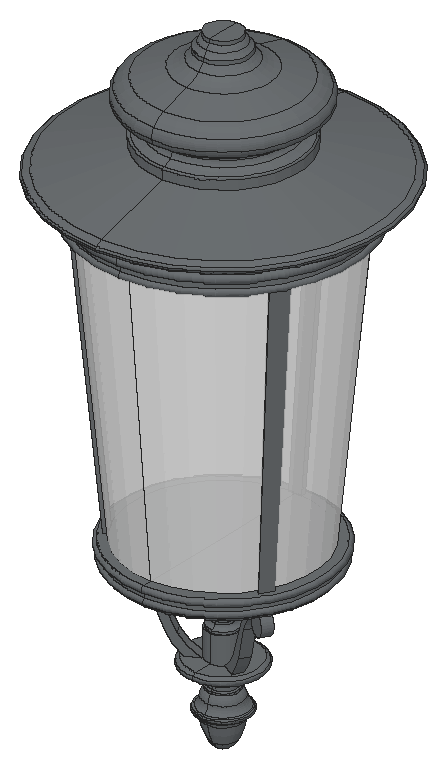
Revit family "Neri_Light 600_SU600L-Pooo", category Apparecchi per illuminazione, Revit 2018
Family settings
  Quota connettore circolare = Usa diametro
  Tipo di parte = Normale
  Numero OmniClass = 23.35.47.11
  Titolo OmniClass = Lighting Fixtures
  Basato su piano di lavoro = No
  Sempre verticale = Sì
  Taglio con vuoti quando caricato = No
  Sorgente d'illuminazione = Sì
  Condiviso = No
  Punto di calcolo locali = No
Parameters (values of type "SU600L_NLG02")
  Weight = "28.66 lb"
  Wattage = 30.2945 W
  W = "48"
  Voltage = "120-277 V"
  UniFormat II Description = "Lighting and Branch Wiring"
  UniFormat II Code = "D5020"
  URL = "https://www.nerinorthamerica.com/en/products/lighting/lighting-fixtures.aspx?idC=61745&LN=en-US"
  Region South America = "All"
  Region Oceania = "All"
  Region North America = "All"
  Region Middle East = "All"
  Region Europe = "All"
  Region Asia = "All"
  Region Africa = "All"
  Produttore = "Neri SpA"
  Product Name = "Light 600 - LED P"
  Product Certification = "UL Standard 1598 (C, US)"
  built-in parameter 1150110 = 1 (stored number, unit not read)
  Painting Steps = "Information about paint steps used on this product in specific technical sheet"
  Painting = "Standard color Dark Grey, type Neri - On demand features - Painting:colour of RAL range"
  Overvoltage Protection = "4kV/4kV (differential / common mode)"
  Optics = "NLG02"
  Operative Temperature = "-22F° /+104F°"
  OmniClass Description = "Lighting Fixtures"
  OmniClass Code = "23-35 47 11"
  NBS_UniClass 2015 Description = "Roadway Lighting Systems"
  NBS_UniClass 2015 Code = "Ss_70_80_25_70"
  Modello = "SU600L-P"
  Screen = PMMA Frosted
  Material Main = Die-Cast and Sheet Aluminum
  MasterFormat 2016 Description = "Exterior Lighting"
  MasterFormat 2016 Code = "26 56 00"
  Manufacturer Name = "Neri SpA"
  Manufacturer Country = "Italy"
  Luminous Efficacy = "80 Lm/W"
  Luminaire Classification System = "BUG: B1 U3 G1"
  Lighting Distribution/Class = "Asymmetric - Roadways and mixed areas (Type III)"
  LOR = "84 %"
  Diametre = "1' - 6 1/2\""
  Lampada = "LED"
  Installation Instructions = "https://www.nerinorthamerica.com/upl/istruzioni/Z013_0001_002_Light%20600_LED-P_2014C.pdf"
  IP = "43"
  IK = "08"
  Height of Installation = "From 11.5' to 16.5'"
  Height = "3' - 1 5/6\""
  Frequency = "50-60 Hz"
  File diagramma fotometrico = "SU600L_NLG02.IES"
  built-in parameter 1114217 = 1 (stored number, unit not read)
  built-in parameter 1150109 = 1 (stored number, unit not read)
  Fasteners = "Stainless Steel"
  Estimated Life = "80.000 h (L85 - Ta 25°C)"
  Design Country = "Italy"
  Data Sheet = "https://www.nerinorthamerica.com/supporto/DownloadNeri.ashx?f=SU600LUS.pdf&LN=en-US"
  Control = "COD 02= 1-10V + NCL, COD 06=DALI + NCL, COD 14= NVL6H +NCL"
  Connection = "Suspended installation with threaded tube (G 3/4\")"
  built-in parameter 1150134 = 12
  built-in parameter 1150113 = 1 (stored number, unit not read)
  Lumens = 4500 lm
  built-in parameter 1150115 = 1 (stored number, unit not read)
  built-in parameter 1150105 = 358.1 (stored number, unit not read)
  built-in parameter 1150137 = (empty or 0)
  built-in parameter 1150139 = (empty or 0)
  built-in parameter 1150112 = 1 (stored number, unit not read)
  built-in parameter 1150114 = 1 (stored number, unit not read)
  built-in parameter 1150132 = 2
  built-in parameter 1150102 = (empty or 0)
  built-in parameter 1150138 = (empty or 0)
  built-in parameter 1150107 = 4000 (stored number, unit not read)
  built-in parameter 1150106 = 3.581 (stored number, unit not read)
  built-in parameter 1150104 = 13.8 (stored number, unit not read)
  Dimming Lamp Color Temperature Shift = (empty or 0)
  Color Filter = 16777215
  built-in parameter 1114218 = 1 (stored number, unit not read)
  Class IES = "Cut-off"
  CRI = ">70"
  EPA = "1.41 ft²"
  Tilt Angle = 90.00°
  built-in parameter 1150133 = 10 (stored number, unit not read)
Types (3, lengths in mm): name | Optics | Lighting Distribution/Class | LOR | File diagramma fotometrico
  (no name) | "NLG02" | "Asymmetric - Roadways and mixed areas (Type III)" | "84 %" | "SU600L_NLG02.IES"
  SU600L_NLG02 | "NLG02" | "Asymmetric - Roadways and mixed areas (Type III)" | "84 %" | "SU600L_NLG02.IES"
  SU600L_NLG06 | "NLG06" | "Rotosymmetrical - Mixed areas (Type V)" | "85%" | "SU600L_NLG06.IES"
Reference planes
  plane 1 "Asse sorgente illuminazione (F/B)": y = 440
  plane 2: z = 0
  plane 3 "Asse sorgente illuminazione (L/R)": x = 0
  plane 4 "Prospetto sorgente di illuminazione": z = 3500
Forms (mm)
  Revolve 1, solid, material "Die-Cast and Sheet Aluminum" <- "Material Main"
    sketch origin (0, -195.815, 1341.591) x (0, -1, 0) y (0, 0, 1)
      loop
        line (-635.815, 2158.409) -> (-635.815, 2406.629) -> (-661.297, 2406.629) -> (-661.297, 2401.581)
        arc (-661.297, 2401.581) -> (-664.103, 2398.135) -> (-666.5, 2394.392) r 39.089
        arc (-666.5, 2394.392) -> (-669.291, 2390.434) -> (-672.823, 2387.119) r 23.916
        line (-672.823, 2387.119) -> (-672.823, 2381.465)
        arc (-672.823, 2381.465) -> (-676.812, 2376.176) -> (-681.494, 2371.49) r 47.845
        arc (-681.494, 2371.49) -> (-691.722, 2364.544) -> (-703.309, 2360.232) r 51.588
        arc (-703.309, 2360.232) -> (-725.247, 2354.244) -> (-746.782, 2346.941) r 375.674
        arc (-746.782, 2346.941) -> (-756.994, 2341.457) -> (-765.365, 2333.439) r 42.892
        arc (-765.365, 2333.439) -> (-768.791, 2326.488) -> (-769.03, 2318.742) r 18.285
        arc (-769.03, 2318.742) -> (-764.756, 2310.308) -> (-756.08, 2306.547) r 13.927
        arc (-756.08, 2306.547) -> (-754.744, 2303.939) -> (-752.627, 2301.913) r 8.818
        line (-752.627, 2301.913) -> (-750.062, 2301.913)
        arc (-750.062, 2301.913) -> (-744.188, 2301.244) -> (-738.615, 2299.271) r 26.112
        arc (-738.615, 2299.271) -> (-733.556, 2293.898) -> (-731.163, 2286.917) r 17.493
        arc (-731.163, 2286.917) -> (-732.041, 2282.621) -> (-734.13, 2278.766) r 14.925
        arc (-734.13, 2278.766) -> (-739.674, 2274.98) -> (-745.823, 2272.284) r 36.156
        arc (-745.823, 2272.284) -> (-747.72, 2271.499) -> (-748.505, 2269.602) r 2.682
        line (-748.505, 2269.602) -> (-748.505, 2256.511) -> (-862.704, 2225.482) -> (-871.767, 2221.256)
        arc (-871.767, 2221.256) -> (-873.157, 2219.581) -> (-873.695, 2217.471) r 4.954
        arc (-873.695, 2217.471) -> (-872.889, 2215.177) -> (-871.305, 2213.332) r 6.592
        arc (-871.305, 2213.332) -> (-867.253, 2210.981) -> (-862.685, 2209.937) r 15.623
        line (-862.685, 2209.937) -> (-854.113, 2209.937) -> (-854.113, 2204.25) -> (-843.918, 2204.25)
        arc (-843.918, 2204.25) -> (-835.02, 2198.619) -> (-829.389, 2189.721) r 23.994
        arc (-829.389, 2189.721) -> (-835.601, 2183.151) -> (-829.148, 2176.818) r 6.454
        line (-829.148, 2176.818) -> (-826.986, 2176.818) -> (-826.986, 2167.822)
        arc (-826.986, 2167.822) -> (-831.692, 2163.115) -> (-826.986, 2158.409) r 4.706
        line (-826.986, 2158.409) -> (-635.815, 2158.409)
      axis (-635.815, 2406.629) -> (-635.815, 2158.409)
    angle from 0 to 360
  Revolve 2, solid, material "PMMA Frosted" <- "Screen"
    sketch origin (0, -196.731, 1307.689) x (0, -1, 0) y (0, 0, 1)
      loop
        line (-636.731, 2192.311) -> (-814.073, 2192.311) -> (-771.981, 1761.179) -> (-636.731, 1761.179) -> (-636.731, 2192.311)
      axis (-636.731, 2192.311) -> (-636.731, 1761.179)
    angle from 0 to 360
  Revolve 3, solid, material "Die-Cast and Sheet Aluminum" <- "Material Main"
    sketch origin (0, -195.815, 1114.091) x (0, -1, 0) y (0, 0, 1)
      loop
        line (-635.815, 1924.434) -> (-646.876, 1924.434) -> (-646.876, 1847.721) -> (-649.365, 1847.721) -> (-649.365, 1845.333) -> (-650.859, 1845.333)
        arc (-650.859, 1845.333) -> (-653.131, 1841.375) -> (-657.166, 1839.243) r 8.205
        line (-657.166, 1839.243) -> (-657.166, 1836.386) -> (-659.83, 1836.386) -> (-659.83, 1796.062) -> (-686.996, 1796.062)
        arc (-686.996, 1796.062) -> (-689.564, 1794.272) -> (-691.693, 1791.978) r 14.66
        arc (-691.693, 1791.978) -> (-692.457, 1788.765) -> (-690.64, 1786.007) r 4.163
        arc (-690.64, 1786.007) -> (-688.005, 1784.855) -> (-685.138, 1784.636) r 8.598
        arc (-685.138, 1784.636) -> (-680.075, 1784.984) -> (-675.002, 1785.099) r 110.184
        arc (-675.002, 1785.099) -> (-672.621, 1786.487) -> (-670.027, 1787.419) r 15.105
        arc (-670.027, 1787.419) -> (-667.826, 1787.371) -> (-665.975, 1786.18) r 4.05
        arc (-665.975, 1786.18) -> (-662.592, 1781.016) -> (-660.811, 1775.104) r 21.554
        line (-660.811, 1775.104) -> (-658.991, 1775.104) -> (-658.991, 1771.511)
        arc (-658.991, 1771.511) -> (-655.325, 1770.795) -> (-652.055, 1768.987) r 12.017
        arc (-652.055, 1768.987) -> (-651.06, 1767.334) -> (-651.43, 1765.44) r 2.686
        arc (-651.43, 1765.44) -> (-653.029, 1763.912) -> (-655.162, 1763.328) r 4.511
        line (-655.162, 1763.328) -> (-655.162, 1758.875) -> (-656.305, 1758.875)
        arc (-656.305, 1758.875) -> (-657.632, 1758.325) -> (-658.181, 1756.999) r 1.876
        line (-658.181, 1756.999) -> (-658.181, 1754.64) -> (-658.991, 1754.64)
        arc (-658.991, 1754.64) -> (-662.443, 1749.53) -> (-664.139, 1743.601) r 19.635
        arc (-664.139, 1743.601) -> (-665.788, 1736.738) -> (-670.371, 1731.37) r 15.133
        arc (-670.371, 1731.37) -> (-671.642, 1731.089) -> (-672.646, 1730.26) r 2.778
        arc (-672.646, 1730.26) -> (-673.29, 1729.164) -> (-673.673, 1727.952) r 5.656
        arc (-673.673, 1727.952) -> (-673.595, 1726.426) -> (-672.806, 1725.116) r 3.149
        arc (-672.806, 1725.116) -> (-670.781, 1723.244) -> (-668.263, 1722.118) r 8.507
        arc (-668.263, 1722.118) -> (-665.679, 1719.007) -> (-664.086, 1715.291) r 14.085
        arc (-664.086, 1715.291) -> (-660.528, 1701.346) -> (-655.21, 1687.973) r 111.949
        arc (-655.21, 1687.973) -> (-647.31, 1678.469) -> (-635.815, 1673.93) r 24.913
        line (-635.815, 1673.93) -> (-635.815, 1924.434)
      axis (-635.815, 1924.434) -> (-635.815, 1673.93)
    angle from 0 to 360
  Revolve 4, solid, material "Die-Cast and Sheet Aluminum" <- "Material Main"
    sketch origin (0, -195.815, 1263.421) x (0, -1, 0) y (0, 0, 1)
      loop
        line (-635.815, 1805.447) -> (-784.422, 1805.447)
        arc (-784.422, 1805.447) -> (-788.865, 1801.005) -> (-784.422, 1796.562) r 4.443
        line (-784.422, 1796.562) -> (-781.846, 1796.562) -> (-781.846, 1788.26)
        arc (-781.846, 1788.26) -> (-786.117, 1783.99) -> (-781.846, 1779.719) r 4.271
        line (-781.846, 1779.719) -> (-780.508, 1779.719) -> (-780.508, 1776.813)
        arc (-780.508, 1776.813) -> (-780.008, 1775.605) -> (-778.8, 1775.104) r 1.709
        line (-778.8, 1775.104) -> (-635.815, 1775.104) -> (-635.815, 1805.447)
      axis (-635.815, 1805.447) -> (-635.815, 1775.104)
    angle from 0 to 360
  Revolve 5, solid, material "Die-Cast and Sheet Aluminum" <- "Material Main"
    sketch origin (0, -195.815, 1341.591) x (0, -1, 0) y (0, 0, 1)
      loop
        line (-813.156, 2158.409) -> (-819.02, 2158.409) -> (-776.928, 1727.277) -> (-771.064, 1727.277) -> (-813.156, 2158.409)
      axis (-635.815, 2158.409) -> (-635.815, 1727.277)
    angle from 4 to -4
  Extrusion 6, solid, material "Die-Cast and Sheet Aluminum" <- "Material Main"
    sketch origin (0, -195.815, 1341.591) x (0, -1, 0) y (0, 0, 1)
      loop
        arc (-770.188, 1694.107) -> (-778.2, 1677.607) -> (-767.444, 1662.749) r 17.858
        arc (-767.444, 1662.749) -> (-761.825, 1661.683) -> (-756.107, 1661.831) r 26.85
        arc (-756.107, 1661.831) -> (-750.838, 1663.992) -> (-747.309, 1668.461) r 11.22
        arc (-747.309, 1668.461) -> (-746.371, 1672.953) -> (-747.309, 1677.445) r 11.22
        arc (-747.309, 1677.445) -> (-731.426, 1666.505) -> (-722.116, 1649.616) r 41.955
        arc (-722.116, 1649.616) -> (-714.252, 1625.417) -> (-704.373, 1601.968) r 301
        arc (-704.373, 1601.968) -> (-694.099, 1584.269) -> (-680.981, 1568.561) r 120.641
        line (-680.981, 1568.561) -> (-659.83, 1568.561)
        arc (-659.83, 1568.561) -> (-676.356, 1583.267) -> (-689.557, 1601.018) r 108.535
        arc (-689.557, 1601.018) -> (-697.828, 1618.815) -> (-704.864, 1637.136) r 286.945
        arc (-704.864, 1637.136) -> (-712.835, 1655.054) -> (-721.436, 1672.677) r 552.816
        arc (-721.436, 1672.677) -> (-727.098, 1681.635) -> (-734.299, 1689.409) r 57.812
        arc (-734.299, 1689.409) -> (-740.198, 1693.459) -> (-746.942, 1695.852) r 27.533
        arc (-746.942, 1695.852) -> (-754.687, 1696.807) -> (-762.48, 1696.394) r 44.472
        arc (-762.48, 1696.394) -> (-766.397, 1695.462) -> (-770.188, 1694.107) r 36.677
    from 7.5 to -7.5
  Extrusion 7, solid, material "Die-Cast and Sheet Aluminum" <- "Material Main"
    sketch origin (550.632, 122.093, 1341.591) x (-0.866025, 0.5, 0) y (0, 0, -1)
      loop
        arc (501.442, -1694.107) -> (505.232, -1695.462) -> (509.149, -1696.394) r 36.677
        arc (509.149, -1696.394) -> (516.942, -1696.807) -> (524.687, -1695.852) r 44.472
        arc (524.687, -1695.852) -> (531.431, -1693.459) -> (537.33, -1689.409) r 27.533
        arc (537.33, -1689.409) -> (544.532, -1681.635) -> (550.193, -1672.677) r 57.812
        arc (550.193, -1672.677) -> (558.795, -1655.054) -> (566.766, -1637.136) r 552.816
        arc (566.766, -1637.136) -> (573.801, -1618.815) -> (582.073, -1601.018) r 286.945
        arc (582.073, -1601.018) -> (595.274, -1583.267) -> (611.799, -1568.561) r 108.535
        line (611.799, -1568.561) -> (590.648, -1568.561)
        arc (590.648, -1568.561) -> (577.531, -1584.269) -> (567.256, -1601.968) r 120.641
        arc (567.256, -1601.968) -> (557.377, -1625.417) -> (549.514, -1649.616) r 301
        arc (549.514, -1649.616) -> (540.203, -1666.505) -> (524.32, -1677.445) r 41.955
        arc (524.32, -1677.445) -> (525.259, -1672.953) -> (524.32, -1668.461) r 11.22
        arc (524.32, -1668.461) -> (520.791, -1663.992) -> (515.523, -1661.831) r 11.22
        arc (515.523, -1661.831) -> (509.805, -1661.683) -> (504.185, -1662.749) r 26.85
        arc (504.185, -1662.749) -> (493.43, -1677.607) -> (501.442, -1694.107) r 17.858
    from 7.5 to -7.5
  Extrusion 8, solid, material "Die-Cast and Sheet Aluminum" <- "Material Main"
    sketch origin (-545.174, 112.822, 1341.591) x (0.857442, 0.51458, 0) y (0, 0, -1)
      loop
        arc (501.442, -1694.107) -> (505.232, -1695.462) -> (509.149, -1696.394) r 36.677
        arc (509.149, -1696.394) -> (516.942, -1696.807) -> (524.687, -1695.852) r 44.472
        arc (524.687, -1695.852) -> (531.431, -1693.459) -> (537.33, -1689.409) r 27.533
        arc (537.33, -1689.409) -> (544.532, -1681.635) -> (550.193, -1672.677) r 57.812
        arc (550.193, -1672.677) -> (558.795, -1655.054) -> (566.766, -1637.136) r 552.816
        arc (566.766, -1637.136) -> (573.801, -1618.815) -> (582.073, -1601.018) r 286.945
        arc (582.073, -1601.018) -> (595.274, -1583.267) -> (611.799, -1568.561) r 108.535
        line (611.799, -1568.561) -> (590.648, -1568.561)
        arc (590.648, -1568.561) -> (577.531, -1584.269) -> (567.256, -1601.968) r 120.641
        arc (567.256, -1601.968) -> (557.377, -1625.417) -> (549.514, -1649.616) r 301
        arc (549.514, -1649.616) -> (540.203, -1666.505) -> (524.32, -1677.445) r 41.955
        arc (524.32, -1677.445) -> (525.259, -1672.953) -> (524.32, -1668.461) r 11.22
        arc (524.32, -1668.461) -> (520.791, -1663.992) -> (515.523, -1661.831) r 11.22
        arc (515.523, -1661.831) -> (509.805, -1661.683) -> (504.185, -1662.749) r 26.85
        arc (504.185, -1662.749) -> (493.43, -1677.607) -> (501.442, -1694.107) r 17.858
    from 7.5 to -7.5
  Revolve 9, solid, material "Die-Cast and Sheet Aluminum" <- "Material Main"
    sketch origin (550.632, 122.093, 1341.591) x (-0.866025, 0.5, 0) y (0, 0, -1)
      loop
        line (458.473, -2158.409) -> (500.565, -1727.277) -> (494.702, -1727.277) -> (452.609, -2158.409) -> (458.473, -2158.409)
      axis (635.815, -2158.409) -> (635.815, -1727.277)
    angle from 4 to -4
  Revolve 10, solid, material "Die-Cast and Sheet Aluminum" <- "Material Main"
    sketch origin (-550.632, 122.093, 1341.591) x (0.866025, 0.5, 0) y (0, 0, 1)
      loop
        line (458.473, 2158.409) -> (452.609, 2158.409) -> (494.702, 1727.277) -> (500.565, 1727.277) -> (458.473, 2158.409)
      axis (635.815, 2158.409) -> (635.815, 1727.277)
    angle from 4 to -4
Dimensions and locks
  aligned and locked: plane 4 "Prospetto sorgente di illuminazione" to imposter light
  aligned and locked: level to plane 2
